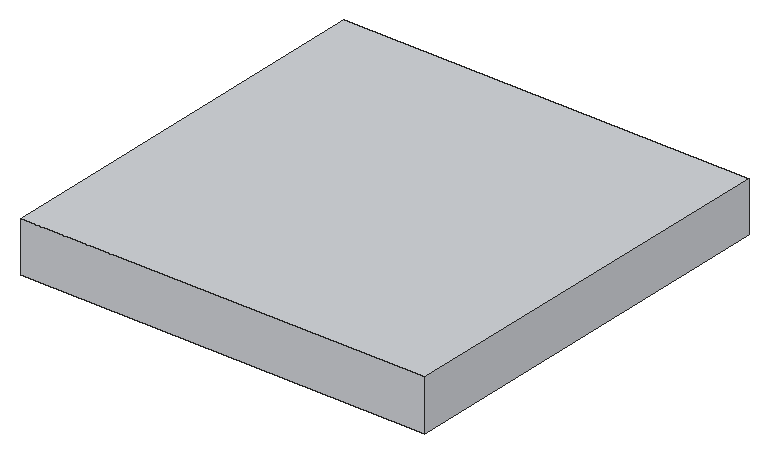
Revit family "Regadera H-3303", category Aparatos sanitarios, Revit 2016
Family settings
  Anfitrión = Cara
  Tipo de pieza = Normal
  Cota de conector redondo = Diámetro de uso
  Número OmniClass = 23.45.05.14.17
  Título OmniClass = Showers
  Corte con vacíos al cargar = No
  Compartido = Sí
  Punto de cálculo de habitación = Sí
Parameters (values of type "Regadera H-3303")
  URL = ""
  Total Diameter = 9.60"
  Presión mínima de trabajo = 14.22 psi
  Presión máxima de trabajo = 85.34 psi
  Maximum Consumption = "8.3 l/min"
  Imagen de tipo = H-3303.jpg
  Conexión = "½\"-14 NPSM"
  Comentarios de tipo = "Regadera cuadrada de plato ancho, multichorro\r\n10\" x 10\", 3 chorros\r\n3 Chorros.\r\n3 Chorros."
  Total Length = 22.10"
  Modelo = "H-3303"
  Material = Brass Chromed
  Fabricante = "HELVEX S.A. DE C.V."
  Descripción = "Regadera cuadrada de plato ancho, multichorro\r\n10\" x 10\", 3 chorros"
  Elevación por defecto = 0.50"
Reference planes (in)
  plane 1 "Center (Front/Back)": y = 0
  plane 2: z = 0
  plane 3 "Center (Left/Right)": x = 0
Forms (in)
  Extrusion 1, solid
    sketch origin (0, 0, 0) x (1, 0, 0) y (0, 1, 0)
      loop
        line (-48, 48) -> (-48, -48) -> (48, -48) -> (48, 48) -> (-48, 48)
    from 0 to -12
Dimensions and locks (in)
  aligned and locked: plane 2 to Extrusion 1
  aligned and locked: level to Extrusion 1
Connectors (in)
  piping at (0, -0.02421, -0.005), diameter 0.5, driven by "Elevación por defecto"
    settings: on import instance, index 1, connector inside diameter 609.6 mm, connector length 0.00", flow factor 0, pipe flow 0.0 L/s, pressure drop 0.0 psi, fitting loss kfactor 0, connector angle 0.00°, fixture units 0, engagement length 0.00", angle of deflection 0.00°, flow configuration 0, flow direction 0, fitting loss method 0, system type 7, joint type 0, gender type 0, connector reference index -1, connector utility 0, adjustable connector no, is connector primary yes, connector description ""
